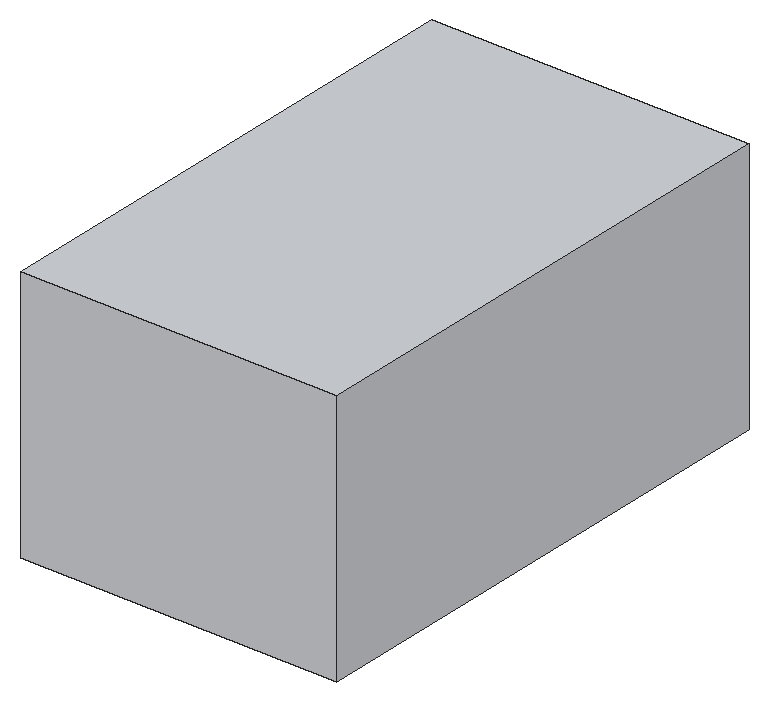
Revit family "913d47dedcfc4679add89a5230897239", category Electrical Equipment, host Face, Revit 2021
Family settings
  Host = Face
  Round Connector Dimension = Use Diameter
  Part Type = Equipment Switch
  OmniClass Number = 23.80.50.11.14
  OmniClass Title = Switches
  Seek Item ID = Starters-0000-USA-ENU
  Cut with Voids When Loaded = No
  Shared = No
  Room Calculation Point = No
Parameters (values of type "Size 2 - 208 V")
  Width = 0' - 7 13/16"
  Starter Voltage = 208 V
  Load Classification = Other
  Height = 1' - 0 11/16"
  Depth = 0' - 6 5/16"
  Default Elevation = 4' - 0"
  Assembly Code = ""
Types (14): name | Width | Starter Voltage | Height | Depth
  Size 0 - 208 V | 0' - 6" | 208 V | 0' - 10" | 0' - 5 9/16"
  Size 1 - 208 V | 0' - 6" | 208 V | 0' - 10" | 0' - 5 9/16"
  Size 2 - 208 V | 0' - 7 13/16" | 208 V | 1' - 0 11/16" | 0' - 6 5/16"
  Size 3 - 208 V | 0' - 11 7/16" | 208 V | 1' - 9 13/16" | 0' - 8 3/8"
  Size 4 - 208 V | 0' - 11 1/4" | 208 V | 2' - 1 5/32" | 0' - 9"
  Size 5 - 208 V | 1' - 5 7/32" | 208 V | 3' - 8 7/32" | 1' - 0 15/16"
  Size 6 - 208 V | 5' - 5 3/4" | 208 V | 1' - 8 7/32" | 1' - 1 1/8"
  Size 0 - 480 V | 0' - 6" | 480 V | 0' - 10" | 0' - 5 9/16"
  Size 1 - 480 V | 0' - 6" | 480 V | 0' - 10" | 0' - 5 9/16"
  Size 2 - 480 V | 0' - 7 13/16" | 480 V | 1' - 0 11/16" | 0' - 6 5/16"
  Size 3 - 480 V | 0' - 11 7/16" | 480 V | 1' - 9 13/16" | 0' - 8 3/8"
  Size 4 - 480 V | 0' - 11 1/4" | 480 V | 2' - 1 5/32" | 0' - 9"
  Size 5 - 480 V | 1' - 5 7/32" | 480 V | 3' - 8 7/32" | 1' - 0 15/16"
  Size 6 - 480 V | 5' - 5 3/4" | 480 V | 1' - 8 7/32" | 1' - 1 1/8"
Reference planes (in)
  plane 1 "Center (Front/Back)": y = 0
  plane 2: z = 0
  plane 3 "Center (Left/Right)": x = -0.21875
  plane 4: z = 6.3125
  plane 5: y = -12.6875
  plane 6: x = -4.125
  plane 7: x = 3.6875
Forms (in)
  Extrusion 1, solid
    sketch origin (0, 0, 0) x (1, 0, 0) y (0, 1, 0)
      loop
        line (-4.125, -12.6875) -> (3.6875, -12.6875) -> (3.6875, 0) -> (-4.125, 0) -> (-4.125, -12.6875)
    from 0 to 6.3125
Lines and regions (in)
  symbolic lines, detail levels coarse+medium
    curve 1: line (3.6875, 0, 6.3125) -> (-4.125, 0, 0)
    curve 2: line (3.6875, 0, 0) -> (-4.125, 0, 6.3125)
    curve 3: line (-4.125, 0, 0) -> (3.6875, -12.6875, 0)
    curve 4: line (-4.125, -12.6875, 0) -> (3.6875, 0, 0)
Dimensions and locks (in)
  "Height": plane 5 to plane 1 "Center (Front/Back)"
  equal spacing: plane 6, plane 3 "Center (Left/Right)", plane 7
  "Width": plane 6 to plane 7
  "Depth": plane 4 to level
  aligned and locked: plane 2 to host face
  aligned and locked: level to host face
  aligned and locked: plane 1 "Center (Front/Back)" to Extrusion 1
  aligned and locked: plane 4 to Extrusion 1
  aligned and locked: curve 1 to Extrusion 1  (x2)
  aligned and locked: Extrusion 1 to curve 2  (x2)
  aligned and locked: Extrusion 1 to curve 1  (x2)
  aligned and locked: curve 2 to Extrusion 1  (x2)
  aligned and locked: Extrusion 1 to curve 4  (x2)
  aligned and locked: curve 3 to Extrusion 1  (x2)
  aligned and locked: Extrusion 1 to curve 3  (x2)
  aligned and locked: curve 4 to Extrusion 1  (x2)
  aligned and locked: plane 5 to Extrusion 1
  aligned and locked: plane 6 to Extrusion 1
  aligned and locked: plane 7 to Extrusion 1
Automatic sketch dimensions
  Extrusion 1 sketch curve to plane 1 "Center (Front/Back)" = 0' - 0"
  Extrusion 1 sketch curve to plane 3 "Center (Left/Right)" = 0' - 3 29/32"
  plane 3 "Center (Left/Right)" to Extrusion 1 sketch curve = 0' - 3 29/32"
  Extrusion 1 sketch curve to Extrusion 1 sketch curve = 1' - 0 11/16"
  host sketch curve to host sketch curve = 8' - 0"  (x2)
Connectors (in)
  electrical at (-0.21875, 0, 3.15625), driven by "Starter Voltage", driven by "Load Classification"
    settings: on Extrusion 1, index 1, voltage 208 V, apparent load 0 VA, apparent load phase1 0 VA, apparent load phase2 0 VA, apparent load phase3 0 VA, power factor 1, load classification "Other", number of poles 3, system type 31, power factor state 1, is connector primary yes, connector utility no, sub classification motor no, connector description ""
